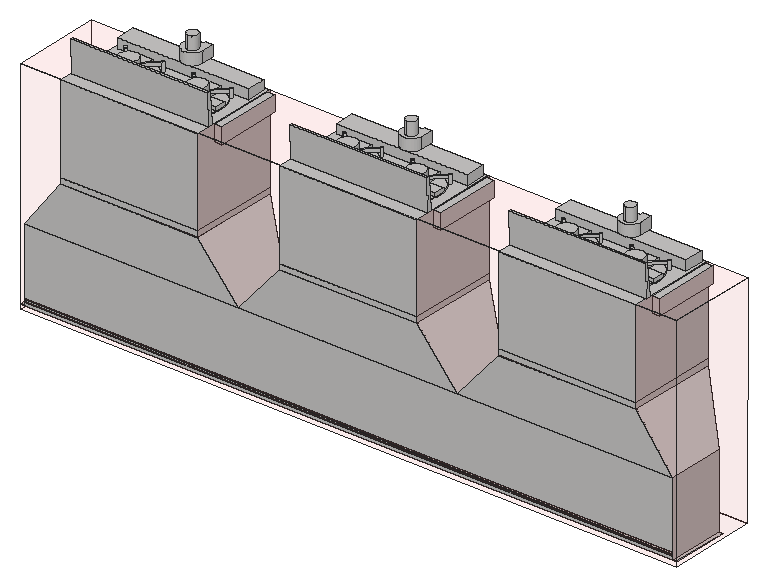
Revit family "Air-Curtain_Industrial_PoweredAire_Gas-Indirect-3Heater", category Mechanical Equipment, host Face, Revit 2022
Family settings
  Host = Face
  Round Connector Dimension = Use Diameter
  Part Type = Normal
  OmniClass Number = 23.75.35.17.21
  OmniClass Title = Air Curtains
  Cut with Voids When Loaded = No
  Maintain Annotation Orientation = No
  Shared = No
  Room Calculation Point = No
Parameters (values of type "22 ft Opening EHD 240'' Nozzle")
  topbracket [instance] = Unit Height = 1' 4 3/4"  # no
  Warranty Duration (Years) = 0
  Unit Width Notes = "Other Widths available."  # constant formula
  Unit Width = 20' - 3 3/8"
  Unit Weight = 2870
  Unit Height = 1' - 9"
  Unit Depth = 2' - 3 1/4"
  URL = "http://www.poweredaire.com/"
  Test Data = ""
  Standards Conformance = "AGA  ;  Made in USA"
  Specification = "http://www.arcat.com/sdspecs/htm04/23_34_33pai.htm"
  SpecWizard = ""
  Sound Pressure = ">71 dBA"
  Sales Information = "http://www.poweredaire.com/contact_us"
  Revision = "R1_2016-08"
  Projection from Host [instance] = 0' - 2"
  Product Properties = ""
  Product Data = "http://www.arcat.com/arcatcos/cos47/arc47623.html"
  Power Rating = 0 W
  Piping_Operating Pressure [instance] = 0.00 psi
  Pipe OD [instance] = 5/8"
  Overall Depth = 6' - 7 3/4"
  Nozzle Width = if(1 = 1, Unit Width - 0' 3", 0' 0")  # 20' - 0 3/8"
  Mounting Width = if(1 = 1, Unit Width - 0' 1 1/2", 0' 0")  # 20' - 1 7/8"
  Mounting Height [instance] = 3' - 6"
  Motor RPM = 1160
  Motor HP = 5
  Motor Count = 4
  Model = "EHD-4-240IG"
  Max Height = 22' - 0"
  Manufacturer Website = "http://www.poweredaire.com/"
  Manufacturer Phone - Toll Free = "888-321-2473"
  Manufacturer Phone = "724-588-3305"
  Manufacturer Fax = "724-588-3371"
  Manufacturer Address = "109 Mortensen Rd.  Greenville, PA 16125"
  Manufacturer = "Powered Aire, Inc"
  Maintenance Schedule (Months) = 0
  Keynote = "23 34 33"
  Installation-Fabrication = ""
  Installation Phase = ""
  Include Clearance [instance] = yes
  Heating Element Load = 0 W
  Heater Weight = 0
  Heater Hanging Width = 4' - 0 5/8"
  Heater Finish [instance] = Metal - Steel - PoweredAire - Stainless 304
  HVAC_Temperature Rise = 27 °F
  HVAC_Primary CFM = 0 CFM
  HVAC_Outlet Volume = 29100 CFM
  HVAC_Outlet Velocity Uniformity = 0.95
  HVAC_Outlet Velocity = 4400 FPM
  HVAC_Exit Temperature [instance] = 0 °F
  HVAC_BTU Output = 840000.0 Btu/h
  HVAC_BTU Input = 350000.0 Btu/h
  Green Building-LEED = "http://www.arcat.com/green/clients/leed_data_47623.html"
  Gas Connection Diameter [instance] = 0"
  Frame Finish [instance] = Metal - Steel - PoweredAire - Stainless 304
  Expected Lifespan (Years) = 0
  Exhaust Connection Diameter = 0' - 6"
  Electrical_Wattage [instance] = Power Rating + Heating Element Load  # 0 W
  Electrical_Voltage [instance] = 0 V
  Electrical_Phase [instance] = 1
  Electrical_Frequency [instance] = 0 Hz
  Electrical_Amperage [instance] = 0 A
  Drawn By = "Sumex Design, Inc. / Robert S. Weygant, CSI, CDT, SCIP"
  Description = "Powered Aire Indirect Gas Heated Industrial Air Curtain - EHD-4-240IG as Specified"
  Default Elevation = 0' - 0"  # constant formula
  Copyright = "©Arcat Inc."
  Construction Details = "http://www.arcat.com/details/powair/prod3336.html"
  Clearance_Top [instance] = 1' - 0"
  Clearance_Side B [instance] = 0' - 0"
  Clearance_Side A [instance] = 0' - 0"
  Clearance_Intake [instance] = 0' - 0"
  Clearance_Bottom [instance] = 0' - 0"
  Clearance Material [instance] = ARCAT Clearance
  Building Codes = ""
  Available Options [instance] = "as Specified"
  Assembly Code = "D3090400"
Types (5): name | Unit Width | Unit Weight | Sound Pressure | Nozzle Width | Mounting Width | Motor HP | Motor Count | Model | Max Height | HVAC_Temperature Rise | HVAC_Outlet Volume | HVAC_Outlet Velocity Uniformity | HVAC_Outlet Velocity | Description
  22 ft Opening EHD 240'' Nozzle | 20' - 3 3/8" | 2870 | ">71 dBA" | 20' - 0 3/8" | 20' - 1 7/8" | 5 | 4 | "EHD-4-240IG" | 22' - 0" | 27 °F | 29100 CFM | 0.95 | 4400 FPM | "Powered Aire Indirect Gas Heated Industrial Air Curtain - EHD-4-240IG as Specified"
  22 ft Opening EHD 228'' Nozzle | 19' - 3 3/8" | 2800 | ">71 dBA" | 19' - 0 3/8" | 19' - 1 7/8" | 5 | 4 | "EHD-4-228IG" | 22' - 0" | 27 °F | 28300 CFM | 0.94 | 4800 FPM | "Powered Aire Indirect Gas Heated Industrial Air Curtain - EHD-4-228IG as Specified"
  17 ft Opening TSD 240'' Nozzle 5 Motor | 20' - 3 1/2" | 2550 | ">69 dBA" | 20' - 0 1/2" | 20' - 2" | 3 | 5 | "TSD-5-240IG" | 17' - 0" | 34 °F | 25900 CFM | 0.951 | 3900 FPM | "Powered Aire Indirect Gas Heated Industrial Air Curtain - TSD-5-240IG as Specified"
  17 ft Opening TSD 240'' Nozzle 4 Motor | 20' - 3 3/8" | 2330 | ">69 dBA" | 20' - 0 3/8" | 20' - 1 7/8" | 3 | 4 | "TSD-4-240IG" | 17' - 0" | 38 °F | 21500 CFM | 0.863 | 3300 FPM | "Powered Aire Indirect Gas Heated Industrial Air Curtain - TSD-4-240IG as Specified"
  17 ft Opening TSD 228'' Nozzle | 19' - 3 3/8" | 2310 | ">69 dBA" | 19' - 0 3/8" | 19' - 1 7/8" | 3 | 4 | "TSD-4-228IG" | 17' - 0" | 40 °F | 20800 CFM | 0.863 | 3300 FPM | "Powered Aire Indirect Gas Heated Industrial Air Curtain - TSD-4-228IG as Specified"
Reference planes (in)
  plane 1 "Center (Elevation)": y = 0.13818
  plane 2: z = 0
  plane 3 "Center (Left/Right)": x = 0
  plane 4 "Top": y = 10.63818
  plane 5: y = -10.36182
  plane 6: x = -121.6875
  plane 7: x = 121.6875
  plane 8 "Front": z = 29.25
  plane 9 "FF": y = -41.86182
  plane 10: z = 2
  plane 11: x = 120.1875
  plane 12: x = -120.1875
  plane 13: y = 22.63818
  plane 14: y = -10.36182
  plane 15: x = -121.6875
  plane 16: x = 121.6875
  plane 17: z = 81.75
  plane 18: x = 120.125
  plane 19: x = -120.125
  plane 20: x = 120.1875
  plane 21: x = 120.1875
  plane 22: y = 8.13818
  plane 23: y = -7.86182
  plane 24: z = 81.75
  plane 25: z = 49.25
  plane 26: z = 47.25
  plane 27: x = -56.8125
  plane 28: x = -105.4375
  plane 29: x = -55.75
  plane 30: x = -106.5
  plane 31: x = 56.8125
  plane 32: x = 105.4375
  plane 33: x = 55.75
  plane 34: x = 106.5
  plane 35: x = -81.125
  plane 36: x = 81.125
  plane 37: x = -24.3125
  plane 38: x = 24.3125
  plane 39: x = -25.375
  plane 40: x = 25.375
  plane 41: x = -40.5625
  plane 42: x = 40.5625
Forms (in)
  Extrusion 1, solid, material "Metal - Steel - PoweredAire - Stainless 304" <- "Frame Finish"
    sketch origin (0, 0, 0) x (0, 1, 0) y (0, 0, 1)
      loop
        line (-10.36182, 2) -> (10.63818, 2) -> (10.63818, 29.25) -> (-10.36182, 29.25) -> (-10.36182, 2)
    from -120.1875 to 120.1875
  Extrusion 2, solid, material "ARCAT Clearance" <- "Clearance Material", visible <- "Include Clearance"
    sketch origin (0, 0, 0) x (0, 1, 0) y (0, 0, 1)
      loop
        line (-10.36182, 81.75) -> (-10.36182, 0) -> (22.63818, 0) -> (22.63818, 81.75) -> (-10.36182, 81.75)
    from -121.6875 to 121.6875
  Extrusion 3, solid, material "Metal - Steel - PoweredAire - Stainless 304" <- "Frame Finish"
    sketch origin (-15.17702, -180, 2) x (-1, 0, 0) y (0, -1, 0)
      loop
        line (-135.36452, -190.63818) -> (-135.36452, -169.63818) -> (-136.86452, -169.63818) -> (-136.86452, -190.63818) -> (-135.36452, -190.63818)
      loop
        line (105.01048, -190.63818) -> (106.51048, -190.63818) -> (106.51048, -169.63818) -> (105.01048, -169.63818) -> (105.01048, -190.63818)
    from 0 to 0.125
  Extrusion 4, solid, material "Metal - Steel - PoweredAire - Stainless 304" <- "Frame Finish", visible <- "topbracket"
    sketch origin (-11.83813, 10.63818, 48) x (-1, 0, 0) y (0, 0, 1)
      loop
        line (-132.02563, -45.5) -> (-132.02563, -42.75) -> (-133.52563, -42.75) -> (-133.52563, -45.5) -> (-132.02563, -45.5)
      loop
        line (-132.02563, -21.5) -> (-132.02563, -18.75) -> (-133.52563, -18.75) -> (-133.52563, -21.5) -> (-132.02563, -21.5)
      loop
        line (108.34937, -45.5) -> (109.84937, -45.5) -> (109.84937, -42.75) -> (108.34937, -42.75) -> (108.34937, -45.5)
      loop
        line (108.34937, -21.5) -> (109.84937, -21.5) -> (109.84937, -18.75) -> (108.34937, -18.75) -> (108.34937, -21.5)
    from 0 to -0.125
  Extrusion 5, void
    sketch origin (0, 0, 0) x (0, 1, 0) y (0, 0, 1)
      loop
        line (-10.36182, 3) -> (-9.36182, 3) -> (-9.36182, 4.5) -> (-10.36182, 4.5) -> (-10.36182, 3.82425) -> (-9.50864, 3.82425) -> (-9.50864, 3.57425) -> (-10.36182, 3.57425) -> (-10.36182, 3)
    from -120.125 to 120.125
  Blend 6, solid, material "Metal - Steel - PoweredAire - Stainless 304" <- "Frame Finish"
    base sketch origin (-15.17702, -180, 29.25) x (-1, 0, 0) y (0, -1, 0)
      loop
        line (105.01048, -190.63818) -> (105.01048, -169.63818) -> (25.38548, -169.63818) -> (25.38548, -190.63818) -> (105.01048, -190.63818)
    top sketch origin (-15.17702, -180, 29.25) x (-1, 0, 0) y (0, -1, 0)
      loop
        line (40.57298, -169.63818) -> (40.57298, -202.63818) -> (91.32298, -202.63818) -> (91.32298, -169.63818) -> (40.57298, -169.63818)
    from 0 to 18
  Blend 7, solid, material "Metal - Steel - PoweredAire - Stainless 304" <- "Frame Finish"
    base sketch origin (15.17702, -180, 29.25) x (1, 0, 0) y (0, 1, 0)
      loop
        line (105.01048, 190.63818) -> (25.38548, 190.63818) -> (25.38548, 169.63818) -> (105.01048, 169.63818) -> (105.01048, 190.63818)
    top sketch origin (15.17702, -180, 29.25) x (1, 0, 0) y (0, 1, 0)
      loop
        line (91.32298, 169.63818) -> (91.32298, 202.63818) -> (40.57298, 202.63818) -> (40.57298, 169.63818) -> (91.32298, 169.63818)
    from 0 to 18
  Blend 8, solid, material "Metal - Steel - PoweredAire - Stainless 304" <- "Frame Finish"
    base sketch origin (-61.94798, -180, 29.25) x (1, 0, 0) y (0, 1, 0)
      loop
        line (102.51048, 190.63818) -> (21.38548, 190.63818) -> (21.38548, 169.63818) -> (102.51048, 169.63818) -> (102.51048, 190.63818)
    top sketch origin (-61.94798, -180, 29.25) x (1, 0, 0) y (0, 1, 0)
      loop
        line (36.57298, 169.63818) -> (87.32298, 169.63818) -> (87.32298, 202.63818) -> (36.57298, 202.63818) -> (36.57298, 169.63818)
    from 0 to 18
Cuts and joins
  Extrusion 5 cuts Extrusion 1
Dimensions and locks (in)
  equal spacing: plane 4 "Top", plane 1 "Center (Elevation)", plane 5
  "Unit Height": plane 4 "Top" to plane 5
  "Unit Width": plane 6 to plane 7
  "Mounting Height": plane 1 "Center (Elevation)" to plane 9 "FF"
  "Projection from Host": plane 10 to level
  "Unit Depth": plane 8 "Front" to plane 10
  locked: plane 6 to plane 12 at 1.5
  locked: plane 11 to plane 7 at 1.5
  "Clearance_Side A": plane 7 to plane 16
  "Clearance_Side B": plane 15 to plane 6
  "Clearance_Top": plane 13 to plane 4 "Top"
  "Clearance_Bottom": plane 5 to plane 14
  "Clearance_Intake": plane 17 to plane 24
  Extrusion 5 sketch curve to Extrusion 5 sketch curve to Extrusion 5 sketch curve to Extrusion 5 sketch curve to plane 10 = 0' - 0.67575" locked, 0' - 0 1/4" locked, 0' - 0.57425" locked, 0' - 1" locked
  plane 5 to Extrusion 5 sketch curve to Extrusion 5 sketch curve = 0' - 0.85319" locked, 0' - 0.14681" locked
  locked: plane 19 to plane 12 at 0.0625
  locked: plane 11 to plane 18 at 0.0625
  locked: plane 20 to plane 11
  locked: plane 21 to plane 11
  locked: plane 4 "Top" to plane 22 at 2.5
  locked: plane 23 to plane 5 at 2.5
  "Overall Depth": plane 24 to plane 10
  locked: plane 25 to plane 26 at 2
  locked: plane 24 to plane 25 at 32.5
  locked: Blend 6 sketch curve to plane 5 at 33
  Extrusion 4 sketch curve to Extrusion 4 sketch curve to plane 10 = 0' - 2 3/4" locked, 0' - 0 1/2" locked  (x2)
  plane 8 "Front" to Extrusion 4 sketch curve to Extrusion 4 sketch curve = 0' - 0" locked, 0' - 2 3/4" locked  (x2)
  locked: plane 30 to plane 28 at 1.0625
  locked: plane 27 to plane 29 at 1.0625
  locked: plane 32 to plane 34 at 1.0625
  locked: plane 33 to plane 31 at 1.0625
  "Heater Hanging Width": plane 28 to plane 27
  equal spacing: plane 31, plane 36, plane 32
  "Heater Hanging Width": plane 31 to plane 32
  locked: Blend 7 sketch curve to plane 5 at 33
  locked: plane 38 to plane 40 at 1.0625
  locked: plane 39 to plane 37 at 1.0625
  equal spacing: plane 37, plane 3 "Center (Left/Right)", plane 38
  "Heater Hanging Width": plane 37 to plane 38
  equal spacing: plane 28, plane 35, plane 27
  equal spacing: plane 6, plane 35, plane 41, plane 3 "Center (Left/Right)", plane 42, plane 36, plane 7
  locked: Blend 8 sketch curve to plane 5 at 33
  aligned and locked: plane 2 to host face
  aligned and locked: level to host face
  aligned and locked: Extrusion 2 sketch curve to plane 17
  aligned and locked: plane 14 to Extrusion 2 sketch curve
  aligned and locked: level to Extrusion 2 sketch curve
  aligned and locked: Extrusion 2 sketch curve to plane 13
  aligned and locked: plane 16 to Extrusion 2
  aligned and locked: Extrusion 2 to plane 15
  aligned and locked: plane 11 to Extrusion 1
  aligned and locked: Extrusion 1 to plane 12
  aligned and locked: Extrusion 1 sketch curve to plane 8 "Front"
  aligned and locked: plane 24 to nested 1
  aligned and locked: plane 5 to Blend 6 sketch curve
  aligned and locked: plane 12 to Blend 6 sketch curve
  aligned and locked: Blend 6 sketch curve to plane 4 "Top"
  aligned and locked: Blend 6 sketch curve to plane 5
  aligned and locked: plane 26 to Blend 6
  aligned and locked: plane 35 to nested 1
  aligned and locked: plane 36 to nested 2
  aligned and locked: nested 2 to plane 24
  aligned and locked: plane 5 to Blend 7 sketch curve
  aligned and locked: plane 11 to Blend 7 sketch curve
  aligned and locked: Blend 7 sketch curve to plane 4 "Top"
  aligned and locked: plane 33 to Blend 7 sketch curve
  aligned and locked: Blend 7 sketch curve to plane 5
  aligned and locked: Blend 7 sketch curve to plane 34
  aligned and locked: plane 18 to cut or joined group of Extrusion 1, Extrusion 5
  aligned and locked: cut or joined group of Extrusion 1, Extrusion 5 to plane 19
  aligned and locked: plane 3 "Center (Left/Right)" to nested 3
  aligned and locked: plane 24 to nested 3
  aligned and locked: Blend 6 sketch curve to plane 41
  aligned and locked: Blend 7 sketch curve to plane 42
  aligned and locked: plane 30 to Blend 6 sketch curve
  aligned and locked: Blend 6 sketch curve to plane 29
  aligned and locked: Blend 8 sketch curve to plane 41
  aligned and locked: plane 42 to Blend 8 sketch curve
  aligned and locked: Blend 8 sketch curve to plane 5
  aligned and locked: Blend 8 sketch curve to plane 4 "Top"
  aligned and locked: Blend 8 sketch curve to plane 39
  aligned and locked: plane 40 to Blend 8 sketch curve
  aligned and locked: plane 26 to Blend 8
Automatic sketch dimensions
  host sketch curve to host sketch curve = 8' - 0"  (x2)
  Extrusion 1 sketch curve to plane 5 = 0' - 0"
  Extrusion 1 sketch curve to plane 4 "Top" = 0' - 0"
  Extrusion 1 sketch curve to plane 10 = 0' - 0"
  plane 4 "Top" to Extrusion 3 sketch curve = 0' - 0"
  Extrusion 3 sketch curve to plane 7 = 0' - 0"
  plane 5 to Extrusion 3 sketch curve = 0' - 0"
  Extrusion 3 sketch curve to plane 11 = 0' - 0"
  Extrusion 3 sketch curve to plane 4 "Top" = 0' - 0"
  Extrusion 3 sketch curve to plane 12 = 0' - 0"
  Extrusion 3 sketch curve to plane 6 = 0' - 0"
  Extrusion 3 sketch curve to plane 5 = 0' - 0"
  Extrusion 4 sketch curve to plane 7 = 0' - 0"  (x2)
  Extrusion 4 sketch curve to plane 11 = 0' - 0"  (x2)
  Extrusion 4 sketch curve to plane 12 = 0' - 0"  (x2)
  Extrusion 4 sketch curve to plane 6 = 0' - 0"  (x2)
  Extrusion 5 sketch curve to plane 5 = 0' - 0"  (x2)
  Blend 8 sketch curve to plane 5 = 0' - 0"
Nested families (in)
  nested 1: "Heater" at (-81.125, -10.36182, 49.2987) x (1, 0, 0) z (0, 1, 0), finish <- "Heater Finish", burner width <- "Heater Hanging Width", type "Heater"
    with finish Metal - Steel - PoweredAire - Stainless 304, burner width 4' - 0 5/8", Two Fan yes, One Fan no
  nested 2: "Heater" at (81.125, -10.36182, 49.2987) x (1, 0, 0) z (0, 1, 0), finish <- "Heater Finish", burner width <- "Heater Hanging Width", type "Heater"
    with finish Metal - Steel - PoweredAire - Stainless 304, burner width 4' - 0 5/8", Two Fan yes, One Fan no
  nested 3: "Heater" at (0, -10.36182, 49.2987) x (1, 0, 0) z (0, 1, 0), finish <- "Heater Finish", burner width <- "Heater Hanging Width", type "Heater"
    with finish Metal - Steel - PoweredAire - Stainless 304, burner width 4' - 0 5/8", Two Fan yes, One Fan no
Connectors (in)
  electrical at (-120.1875, 0.13818, 15.625), driven by "Electrical_Voltage", driven by "Electrical_Phase"
    settings: on cut or joined group of Extrusion 1, Extrusion 5, index 3, voltage 0 V, apparent load 0 VA, apparent load phase1 0 VA, apparent load phase2 0 VA, apparent load phase3 0 VA, power factor 1, load classification "Motor", number of poles 1, system type 31, power factor state 1, is connector primary yes, connector utility no, sub classification motor no, connector description ""
  hvac at (-78.125, 22.63818, 87.40625), driven by "Exhaust Connection Diameter", driven by "HVAC_Primary CFM"
    settings: on nested 1, index 4, duct flow 0 CFM, flow factor 0, pres drop 0.00 in-wg, loss coef 0, conn angle 0.00°, conn width 12", conn height 12", conn diameter 6", duct sys type 3, conn prof type 0, flow config 0, flow direction 2, loss method 0, conn ref index -1, conn util no, is conn primary yes, conn desc ""
  hvac at (84.125, 22.63818, 87.40625), driven by "HVAC_Primary CFM", driven by "Exhaust Connection Diameter"
    settings: on nested 2, index 5, duct flow 0 CFM, flow factor 0, pres drop 0.00 in-wg, loss coef 0, conn angle 0.00°, conn width 12", conn height 12", conn diameter 6", duct sys type 3, conn prof type 0, flow config 0, flow direction 2, loss method 0, conn ref index -1, conn util no, is conn primary no, conn desc ""
  hvac at (3, 22.63818, 87.40625), driven by "HVAC_Primary CFM", driven by "Exhaust Connection Diameter"
    settings: on nested 3, index 6, duct flow 0 CFM, flow factor 0, pres drop 0.00 in-wg, loss coef 0, conn angle 0.00°, conn width 12", conn height 12", conn diameter 6", duct sys type 3, conn prof type 0, flow config 0, flow direction 2, loss method 0, conn ref index -1, conn util no, is conn primary no, conn desc ""
Definition of nested family "Heater"
  Parameters
    finish [instance] = none
    burner width [instance] = 4' - 0 5/8"
    burner depth = 3' - 8 3/4"
    Two Fan [instance] = burner width > 4' 0"  # yes
    One Fan [instance] = burner width < 4' 0"  # no
    Default Elevation = 0' - 0"  # constant formula
  Reference planes (in)
    plane 1 "Center (Front/Back)": y = 0
    plane 2: z = 0
    plane 3 "Center (Left/Right)": x = 0
    plane 4: x = -25.375
    plane 5: x = 25.375
    plane 6: z = 33
    plane 7: y = -44.75
    plane 8: x = 3
    plane 9: x = 4.375
    plane 10: x = -12.6875
    plane 11: x = 12.6875
    plane 12: z = 15.5
    plane 13: x = -24.3125
    plane 14: x = 24.3125
  Forms (in)
    Extrusion 1, solid, material <- "finish"
      sketch origin (-74.94554, -3, 38.65968) x (0, 0, 1) y (1, 0, 0)
        loop
          line (-5.65968, 49.57054) -> (-5.65968, 100.32054) -> (-38.65968, 100.32054) -> (-38.65968, 49.57054) -> (-5.65968, 49.57054)
      from 3 to -29.4513
    Extrusion 2, solid, material <- "finish"
      sketch origin (0, 0, 0) x (0, 1, 0) y (0, 0, 1)
        loop
          line (2, 0) -> (2, 33) -> (0, 33) -> (0, 0) -> (2, 0)
      from -25.375 to 25.375
    Extrusion 3, solid, material <- "finish"
      sketch origin (-74.94554, -32.4513, 38.65968) x (0, 0, 1) y (1, 0, 0)
        loop
          line (-6.91591, 50.82971) -> (-6.91591, 99.10844) -> (-13.91591, 99.10844) -> (-13.91591, 50.82971) -> (-6.91591, 50.82971)
      from 0 to -3.625
    Extrusion 4, solid, material <- "finish"
      sketch origin (-74.94554, -36.0763, 38.65968) x (0, 0, 1) y (1, 0, 0)
        loop
          arc (-10.4052, 79.32054) -> (-12.67312, 72.60509) -> (-6.79809, 76.57054) r 3.74068
          line (-6.79809, 76.57054) -> (-5.65968, 76.57054) -> (-5.65968, 79.32054) -> (-10.4052, 79.32054)
      from 0 to -4.0625
    Extrusion 5, solid, material <- "finish"
      sketch origin (-73.58006, -40.1388, 35.52564) x (0, 0, -1) y (1, 0, 0)
        loop
          circle (7.27116, 74.21438) r 2
      from 4.6112 to 0
    Extrusion 6, solid, material <- "finish"
      sketch origin (0, 0, 0) x (1, 0, 0) y (0, 1, 0)
        loop
          line (28.3125, -32.4513) -> (28.3125, -26.7013) -> (25.3125, -26.7013) -> (25.3125, -32.4513) -> (28.3125, -32.4513)
      from 7.25 to 31.75
    Extrusion 7, solid, material <- "finish", visible <- "Two Fan"
      sketch origin (0, 0, 0) x (0, 1, 0) y (0, 0, 1)
        loop
          line (-32.4513, 6.22268) -> (-44.15658, 5.1986) -> (-44.15658, 4.4486) -> (-32.4513, 4.85736) -> (-32.4513, 6.22268)
      from -25.375 to 25.375
  Dimensions and locks (in)
    locked: Extrusion 4 sketch curve to Extrusion 4 sketch curve at 2.75
    "burner width": plane 13 to plane 14
    locked: plane 6 to level at 33
    "burner depth": plane 7 to plane 1 "Center (Front/Back)"
    locked: plane 8 to plane 9 at 1.375
    Extrusion 4 sketch curve to Extrusion 4 sketch curve to plane 8 = 0' - 0.99068" locked, 0' - 1 3/8" locked
    locked: Extrusion 5 sketch curve to plane 8 at 2.36568
    locked: plane 8 to plane 3 "Center (Left/Right)" at 3
    Extrusion 6 sketch curve to plane 5 to Extrusion 6 sketch curve = 0' - 0 1/16" locked, 0' - 2 15/16" locked
    equal spacing: plane 5, plane 11, plane 3 "Center (Left/Right)", plane 10, plane 4
    locked: plane 4 to plane 13 at 1.0625
    locked: plane 14 to plane 5 at 1.0625
    aligned and locked: plane 2 to level
    aligned: Extrusion 4 to Extrusion 5
    aligned: Extrusion 3 to Extrusion 2  (x2)
    aligned and locked: plane 7 to Extrusion 5
    aligned and locked: plane 4 to Extrusion 1 sketch curve
    aligned and locked: Extrusion 1 sketch curve to plane 5
    aligned and locked: Extrusion 7 to plane 4
    aligned and locked: plane 5 to Extrusion 7
    aligned and locked: plane 12 to nested 1
    aligned and locked: plane 3 "Center (Left/Right)" to nested 1
    aligned and locked: plane 12 to nested 3
    aligned and locked: plane 11 to nested 3
    aligned and locked: plane 10 to nested 2
    aligned and locked: plane 12 to nested 2
    aligned and locked: plane 5 to Extrusion 2
    aligned and locked: Extrusion 2 to plane 4
  Automatic sketch dimensions
    Extrusion 1 to Extrusion 3 sketch curve = 0' - 1.25917"
    Extrusion 1 to Extrusion 3 sketch curve = 0' - 8.25624"
    Extrusion 1 to Extrusion 3 sketch curve = 0' - 1.2121"
    Extrusion 1 to Extrusion 3 sketch curve = 0' - 1.25624"
    Extrusion 4 sketch curve to Extrusion 3 = 0' - 0.11782"
    Extrusion 4 sketch curve to Extrusion 3 = 0' - 1.25624"
    Extrusion 5 sketch curve to Extrusion 4 = 0' - 4.74552"
    Extrusion 1 sketch curve to level = 0' - 0"
    Extrusion 1 sketch curve to plane 6 = 0' - 0"
    Extrusion 2 sketch curve to level = 0' - 0"
    Extrusion 2 sketch curve to plane 1 "Center (Front/Back)" = 0' - 0"
    Extrusion 2 sketch curve to plane 6 = 0' - 0"
    Extrusion 2 sketch curve to Extrusion 2 sketch curve = 0' - 2"
    Extrusion 6 sketch curve to plane 7 = 1' - 0.2987"
    Extrusion 6 sketch curve to Extrusion 6 sketch curve = 0' - 5 3/4"
    Extrusion 7 sketch curve to plane 7 = 0' - 0.59342"
    level to Extrusion 7 sketch curve = 0' - 4.4486"
    Extrusion 7 sketch curve to Extrusion 7 sketch curve = 0' - 0 3/4"
    level to Extrusion 7 sketch curve = 0' - 4.85736"
    Extrusion 7 sketch curve to Extrusion 7 sketch curve = 0' - 11.70529"
    Extrusion 7 sketch curve to Extrusion 7 sketch curve = 0' - 1.36532"
    radius of Extrusion 5 sketch curve = 0' - 2"
  Nested families (in)
    nested 1: "FanControls" at (0, -32.4513, 15.5) x (1, 0, 0) z (0, -1, 0), finish <- "finish", visible <- "One Fan", type "FanControls"
      with finish none
    nested 2: "FanControls" at (-12.6875, -32.4513, 15.5) x (1, 0, 0) z (0, -1, 0), finish <- "finish", visible <- "Two Fan", type "FanControls"
      with finish none
    nested 3: "FanControls" at (12.6875, -32.4513, 15.5) x (1, 0, 0) z (0, -1, 0), finish <- "finish", visible <- "Two Fan", type "FanControls"
      with finish none
  Definition of nested family "FanControls"
    Parameters
      finish [instance] = none
      Default Elevation = 4' - 0"
    Reference planes (in)
      plane 1 "Center (Front/Back)": y = 0
      plane 2: z = 0
      plane 3 "Center (Left/Right)": x = 0
    Forms (in)
      Extrusion 1, solid, material <- "finish"
        sketch origin (-75.00804, 32.07233, 0) x (1, 0, 0) y (0, -1, 0)
          loop
            circle (75.00804, 32.07233) r 3.25
        from -5.33075 to 0
      Extrusion 2, solid, material <- "finish"
        sketch origin (24.44581, -78.06044, 0) x (1, 0, 0) y (0, -1, 0)
          loop
            line (-22.50831, -86.58776) -> (-22.50831, -81.58776) -> (-26.50831, -81.58776) -> (-26.50831, -86.58776) -> (-22.50831, -86.58776)
          loop
            line (-22.50831, -69.53312) -> (-26.50831, -69.53312) -> (-26.50831, -74.53312) -> (-22.50831, -74.53312) -> (-22.50831, -69.53312)
          loop
            line (-15.98099, -76.06044) -> (-20.98099, -76.06044) -> (-20.98099, -80.06044) -> (-15.98099, -80.06044) -> (-15.98099, -76.06044)
          loop
            line (-33.03563, -76.06044) -> (-33.03563, -80.06044) -> (-28.03563, -80.06044) -> (-28.03563, -76.06044) -> (-33.03563, -76.06044)
        from 0 to -1.37288
      Extrusion 3, solid, material <- "finish"
        sketch origin (-75.00804, 21.40968, 0) x (1, 0, 0) y (0, -1, 0)
          loop
            line (68.02536, 14.95733) -> (68.55569, 14.427) -> (75.00804, 20.87935) -> (81.46039, 14.427) -> (81.99072, 14.95733) -> (75.53837, 21.40968) -> (81.99072, 27.86203) -> (81.46039, 28.39236) -> (75.00804, 21.94001) -> (68.55569, 28.39236) -> (68.02536, 27.86203) -> (74.47771, 21.40968) -> (68.02536, 14.95733)
        from -3.1123 to -2
      Extrusion 4, solid, material <- "finish"
        sketch origin (-75.00804, 21.40968, 0) x (1, 0, 0) y (0, -1, 0)
          loop
            line (68.02536, 13.89667) -> (68.55569, 14.427) -> (68.02536, 14.95733) -> (67.49503, 14.427) -> (68.02536, 13.89667)
          loop
            line (82.52105, 14.427) -> (81.99072, 14.95733) -> (81.46039, 14.427) -> (81.99072, 13.89667) -> (82.52105, 14.427)
          loop
            line (81.99072, 28.92269) -> (81.46039, 28.39236) -> (81.99072, 27.86203) -> (82.52105, 28.39236) -> (81.99072, 28.92269)
          loop
            line (67.49503, 28.39236) -> (68.02536, 27.86203) -> (68.55569, 28.39236) -> (68.02536, 28.92269) -> (67.49503, 28.39236)
        from 0 to -3.1123
      Extrusion 5, solid, material <- "finish"
        sketch origin (0, 0, 0) x (1, 0, 0) y (0, 1, 0)
          loop
            circle (0, 0) r 9
        from 0 to 0.14961
    Dimensions and locks (in)
      Extrusion 4 sketch curve to Extrusion 4 sketch curve to Extrusion 4 sketch curve to Extrusion 4 sketch curve = 0' - 0.53033" locked, 0' - 0" locked, 0' - 0.53033" locked  (x4)
      Extrusion 3 sketch curve to Extrusion 3 sketch curve to Extrusion 3 sketch curve to Extrusion 3 sketch curve to Extrusion 3 sketch curve = 0' - 5.92202" locked, 0' - 0" locked, 0' - 0.53033" locked, 0' - 0" locked
      Extrusion 3 sketch curve to Extrusion 3 sketch curve to Extrusion 3 sketch curve to Extrusion 3 sketch curve to Extrusion 3 sketch curve = 0' - 0" locked, 0' - 0.53033" locked, 0' - 0" locked, 0' - 5.92202" locked
      locked: Extrusion 2 sketch curve to Extrusion 2 sketch curve at 5  (x2)
      aligned and locked: plane 2 to level
